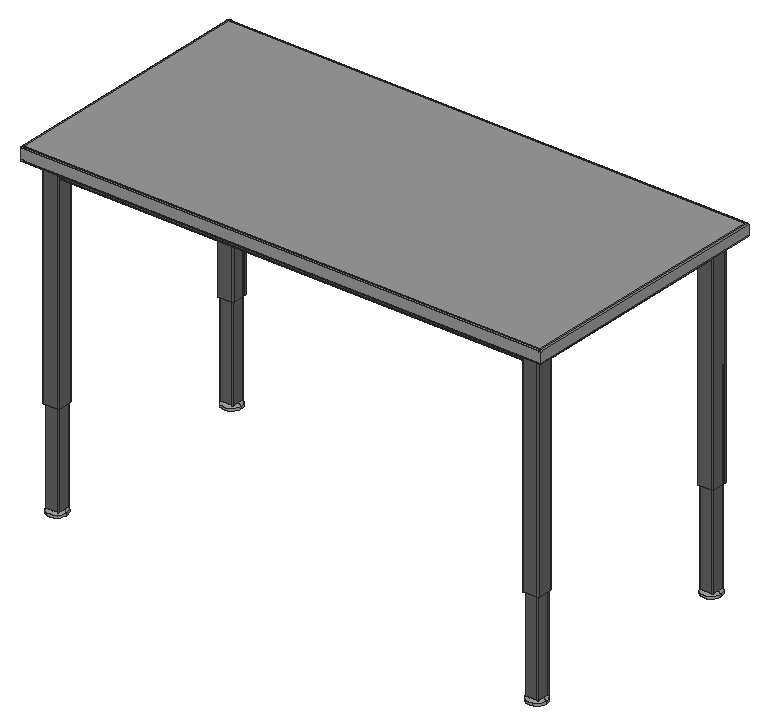
Revit family "Tutor 4824 - Adjustable", category Generic Models, Revit 2018
Family settings
  Can host rebar = No
  Round Connector Dimension = Use Diameter
  Part Type = Normal
  Work Plane-Based = No
  Always vertical = Yes
  Cut with Voids When Loaded = No
  Shared = No
  Room Calculation Point = No
Parameters
  Table Height = 2' - 5"
  Surface = Tutor 4824A Surface
  Frame Finish = Tutor Frame Charcoal
  Edgeband = Tutor 4824A Edgeband
Reference planes (in)
  plane 1 "Center (Front/Back)": y = 0
  plane 2: z = 0
  plane 3 "Center (Left/Right)": x = 0
  plane 4: z = 29
Forms (in)
  Extrusion 1, solid, material "Tutor Frame Charcoal" <- "Frame Finish"
    sketch origin (0, 0, 0) x (1, 0, 0) y (0, 1, 0)
      loop
        arc (-22.51562, 10.625) -> (-22.59296, 10.59296) -> (-22.625, 10.51562) r 0.10937
        line (-22.625, 10.51562) -> (-22.625, 9.48437)
        arc (-22.625, 9.48437) -> (-22.59296, 9.40704) -> (-22.51562, 9.375) r 0.10938
        line (-22.51562, 9.375) -> (-21.48437, 9.375)
        arc (-21.48437, 9.375) -> (-21.40704, 9.40704) -> (-21.375, 9.48437) r 0.10938
        line (-21.375, 9.48437) -> (-21.375, 10.51562)
        arc (-21.375, 10.51562) -> (-21.40704, 10.59296) -> (-21.48437, 10.625) r 0.10938
        line (-21.48437, 10.625) -> (-22.51562, 10.625)
      loop
        line (-22.51562, -10.625) -> (-21.48437, -10.625)
        arc (-21.48437, -10.625) -> (-21.40704, -10.59296) -> (-21.375, -10.51562) r 0.10938
        line (-21.375, -10.51562) -> (-21.375, -9.48437)
        arc (-21.375, -9.48437) -> (-21.40704, -9.40704) -> (-21.48437, -9.375) r 0.10938
        line (-21.48437, -9.375) -> (-22.51562, -9.375)
        arc (-22.51562, -9.375) -> (-22.59296, -9.40704) -> (-22.625, -9.48437) r 0.10938
        line (-22.625, -9.48437) -> (-22.625, -10.51562)
        arc (-22.625, -10.51562) -> (-22.59296, -10.59296) -> (-22.51562, -10.625) r 0.10937
      loop
        line (22.51562, 10.625) -> (21.48437, 10.625)
        arc (21.48437, 10.625) -> (21.40704, 10.59296) -> (21.375, 10.51562) r 0.10938
        line (21.375, 10.51562) -> (21.375, 9.48437)
        arc (21.375, 9.48437) -> (21.40704, 9.40704) -> (21.48437, 9.375) r 0.10938
        line (21.48437, 9.375) -> (22.51562, 9.375)
        arc (22.51562, 9.375) -> (22.59296, 9.40704) -> (22.625, 9.48437) r 0.10938
        line (22.625, 9.48437) -> (22.625, 10.51562)
        arc (22.625, 10.51562) -> (22.59296, 10.59296) -> (22.51562, 10.625) r 0.10937
      loop
        arc (22.51562, -10.625) -> (22.59296, -10.59296) -> (22.625, -10.51562) r 0.10937
        line (22.625, -10.51562) -> (22.625, -9.48437)
        arc (22.625, -9.48437) -> (22.59296, -9.40704) -> (22.51562, -9.375) r 0.10938
        line (22.51562, -9.375) -> (21.48437, -9.375)
        arc (21.48437, -9.375) -> (21.40704, -9.40704) -> (21.375, -9.48437) r 0.10938
        line (21.375, -9.48437) -> (21.375, -10.51562)
        arc (21.375, -10.51562) -> (21.40704, -10.59296) -> (21.48437, -10.625) r 0.10938
        line (21.48437, -10.625) -> (22.51562, -10.625)
    from 0.41992 to 19.41992
  Revolve 2, solid, material "Tutor Glides"
    sketch origin (6, -10, 0) x (1, 0, 0) y (0, 0, 1)
      loop
        line (-28, 0.41992) -> (-28, 0) -> (-27.12763, 0) -> (-27.12763, 0.17255) -> (-27.375, 0.41992) -> (-28, 0.41992)
      axis (-28, 0.41992) -> (-28, 0)
    angle from 0 to 360
  Revolve 3, solid, material "Tutor Glides"
    sketch origin (6, 10, 0) x (1, 0, 0) y (0, 0, -1)
      loop
        line (-28, -0.41992) -> (-27.375, -0.41992) -> (-27.12763, -0.17255) -> (-27.12763, 0) -> (-28, 0) -> (-28, -0.41992)
      axis (-28, -0.41992) -> (-28, 0)
    angle from 0 to 360
  Revolve 4, solid, material "Tutor Glides"
    sketch origin (-6, 10, 0) x (-1, 0, 0) y (0, 0, 1)
      loop
        line (-28, 0.41992) -> (-28, 0) -> (-27.12763, 0) -> (-27.12763, 0.17255) -> (-27.375, 0.41992) -> (-28, 0.41992)
      axis (-28, 0.41992) -> (-28, 0)
    angle from 0 to 360
  Revolve 5, solid, material "Tutor Glides"
    sketch origin (-6, -10, 0) x (-1, 0, 0) y (0, 0, -1)
      loop
        line (-28, -0.41992) -> (-27.375, -0.41992) -> (-27.12763, -0.17255) -> (-27.12763, 0) -> (-28, 0) -> (-28, -0.41992)
      axis (-28, -0.41992) -> (-28, 0)
    angle from 0 to 360
Dimensions and locks (in)
  "Table Height": plane 4 to level
  aligned and locked: plane 2 to level
  aligned and locked: nested 1 to plane 4
Automatic sketch dimensions
  Extrusion 1 sketch curve to plane 1 "Center (Front/Back)" = 0' - 9 31/64"
  Extrusion 1 sketch curve to plane 3 "Center (Left/Right)" = 1' - 10 5/8"
  plane 1 "Center (Front/Back)" to Extrusion 1 sketch curve = 0' - 10 33/64"
  Extrusion 1 sketch curve to Extrusion 1 sketch curve = 0' - 0"  (x3)
  Extrusion 1 sketch curve to Extrusion 1 sketch curve = 0' - 0 7/64"  (x12)
  Extrusion 1 sketch curve to Extrusion 1 sketch curve = 0' - 1 1/32"  (x10)
  plane 1 "Center (Front/Back)" to Extrusion 1 sketch curve = 0' - 9 31/64"
  plane 3 "Center (Left/Right)" to Extrusion 1 sketch curve = 1' - 9 3/8"
  Extrusion 1 sketch curve to Extrusion 1 sketch curve = 0' - 1 9/64"
  Extrusion 1 sketch curve to plane 1 "Center (Front/Back)" = 0' - 9 3/8"
  Revolve 2 sketch curve to level = 0' - 0"
  level to Revolve 2 sketch curve = 0' - 0.41992"
  Revolve 2 sketch curve to plane 3 "Center (Left/Right)" = 1' - 10"
  Revolve 2 sketch curve to Revolve 2 sketch curve = 0' - 0 5/8"
  Revolve 2 sketch curve to Revolve 2 sketch curve = 0' - 0.24737"
  Revolve 2 sketch curve to Revolve 2 sketch curve = 0' - 0.17255"
  Revolve 2 sketch curve to Revolve 2 sketch curve = 0' - 0"  (x2)
  Revolve 2 sketch curve to level = 0' - 0.33008"
  Revolve 3 sketch curve to level = 0' - 0"
  level to Revolve 3 sketch curve = 0' - 0.41992"
  Revolve 3 sketch curve to plane 3 "Center (Left/Right)" = 1' - 10"
  Revolve 3 sketch curve to Revolve 3 sketch curve = 0' - 0 5/8"
  Revolve 3 sketch curve to Revolve 3 sketch curve = 0' - 0.24737"
  Revolve 3 sketch curve to Revolve 3 sketch curve = 0' - 0.17255"
  Revolve 3 sketch curve to Revolve 3 sketch curve = 0' - 0"  (x2)
  Revolve 3 sketch curve to level = 0' - 0.33008"
  Revolve 4 sketch curve to level = 0' - 0"
  level to Revolve 4 sketch curve = 0' - 0.41992"
  plane 3 "Center (Left/Right)" to Revolve 4 sketch curve = 1' - 10"
  Revolve 4 sketch curve to Revolve 4 sketch curve = 0' - 0 5/8"
  Revolve 4 sketch curve to Revolve 4 sketch curve = 0' - 0.24737"
  Revolve 4 sketch curve to Revolve 4 sketch curve = 0' - 0.17255"
  Revolve 4 sketch curve to Revolve 4 sketch curve = 0' - 0"  (x2)
  Revolve 4 sketch curve to level = 0' - 0.33008"
  Revolve 5 sketch curve to level = 0' - 0"
  level to Revolve 5 sketch curve = 0' - 0.41992"
  plane 3 "Center (Left/Right)" to Revolve 5 sketch curve = 1' - 10"
  Revolve 5 sketch curve to Revolve 5 sketch curve = 0' - 0 5/8"
  Revolve 5 sketch curve to Revolve 5 sketch curve = 0' - 0.24737"
  Revolve 5 sketch curve to Revolve 5 sketch curve = 0' - 0.17255"
  Revolve 5 sketch curve to Revolve 5 sketch curve = 0' - 0"  (x2)
  Revolve 5 sketch curve to level = 0' - 0.33008"
Nested families (in)
  nested 1: "Tutor 4824A Top" at (0, 0, -6.54492), type "Tutor 4824A Top"
Definition of nested family "Tutor 4824A Top"
  Parameters (values of type "Tutor 4824A Top")
    Surface = none
    Frame Finish = none
    Edgeband = none
  Reference planes (in)
    plane 1 "Center (Front/Back)": y = 0
    plane 2: z = 0
    plane 3 "Center (Left/Right)": x = 0
  Forms (in)
    Extrusion 1, solid, material <- "Frame Finish"
      sketch origin (0, 0, 0) x (1, 0, 0) y (0, 0, 1)
        loop
          arc (-21.35, 34.29492) -> (-21.27929, 34.32421) -> (-21.25, 34.39492) r 0.1
          line (-21.25, 34.39492) -> (-21.25, 35.44492)
          arc (-21.25, 35.44492) -> (-21.27929, 35.51563) -> (-21.35, 35.54492) r 0.1
          line (-21.35, 35.54492) -> (-22.4, 35.54492)
          arc (-22.4, 35.54492) -> (-22.47071, 35.51563) -> (-22.5, 35.44492) r 0.1
          line (-22.5, 35.44492) -> (-22.5, 34.39492)
          arc (-22.5, 34.39492) -> (-22.47071, 34.32421) -> (-22.4, 34.29492) r 0.1
          line (-22.4, 34.29492) -> (-21.35, 34.29492)
        loop
          line (21.35, 34.29492) -> (22.4, 34.29492)
          arc (22.4, 34.29492) -> (22.47071, 34.32421) -> (22.5, 34.39492) r 0.1
          line (22.5, 34.39492) -> (22.5, 35.44492)
          arc (22.5, 35.44492) -> (22.47071, 35.51563) -> (22.4, 35.54492) r 0.1
          line (22.4, 35.54492) -> (21.35, 35.54492)
          arc (21.35, 35.54492) -> (21.27929, 35.51563) -> (21.25, 35.44492) r 0.1
          line (21.25, 35.44492) -> (21.25, 34.39492)
          arc (21.25, 34.39492) -> (21.27929, 34.32421) -> (21.35, 34.29492) r 0.1
      from -9.25 to 9.25
    Extrusion 2, solid, material <- "Frame Finish"
      sketch origin (0, 0, 0) x (0, 1, 0) y (0, 0, 1)
        loop
          arc (10.4, 34.29492) -> (10.47071, 34.32421) -> (10.5, 34.39492) r 0.1
          line (10.5, 34.39492) -> (10.5, 35.44492)
          arc (10.5, 35.44492) -> (10.47071, 35.51563) -> (10.4, 35.54492) r 0.1
          line (10.4, 35.54492) -> (9.35, 35.54492)
          arc (9.35, 35.54492) -> (9.27929, 35.51563) -> (9.25, 35.44492) r 0.1
          line (9.25, 35.44492) -> (9.25, 34.39492)
          arc (9.25, 34.39492) -> (9.27929, 34.32421) -> (9.35, 34.29492) r 0.1
          line (9.35, 34.29492) -> (10.4, 34.29492)
        loop
          line (-10.4, 34.29492) -> (-9.35, 34.29492)
          arc (-9.35, 34.29492) -> (-9.27929, 34.32421) -> (-9.25, 34.39492) r 0.1
          line (-9.25, 34.39492) -> (-9.25, 35.44492)
          arc (-9.25, 35.44492) -> (-9.27929, 35.51563) -> (-9.35, 35.54492) r 0.1
          line (-9.35, 35.54492) -> (-10.4, 35.54492)
          arc (-10.4, 35.54492) -> (-10.47071, 35.51563) -> (-10.5, 35.44492) r 0.1
          line (-10.5, 35.44492) -> (-10.5, 34.39492)
          arc (-10.5, 34.39492) -> (-10.47071, 34.32421) -> (-10.4, 34.29492) r 0.1
      from -21.25 to 21.25
    Extrusion 3, solid, material <- "Surface"
      sketch origin (0, 0, 0) x (1, 0, 0) y (0, 1, 0)
        loop
          line (23.73189, 11.79339) -> (-23.73189, 11.79339) -> (-23.73189, -11.79339) -> (23.73189, -11.79339) -> (23.73189, 11.79339)
      from 35.54492 to 36.74492
    Sweep 4, solid, material <- "Edgeband"
      path origin (0, 0, 0) x (1, 0, 0) y (0, 1, 0)
        loop
          line (23.73189, 11.79339) -> (-23.73189, 11.79339) -> (-23.73189, -11.79339) -> (23.73189, -11.79339) -> (23.73189, 11.79339)
      profile origin (0, 11.79339, 0) x (0, -1, 0) y (0, 0, 1)
        loop
          arc (0, 36.74492) -> (-0.08352, 36.71033) -> (-0.11811, 36.62681) r 0.11811
          line (-0.11811, 36.62681) -> (-0.11811, 35.66303)
          arc (-0.11811, 35.66303) -> (-0.08352, 35.57952) -> (0, 35.54492) r 0.11811
          line (0, 35.54492) -> (0, 36.74492)
    Extrusion 5, solid, material <- "Frame Finish"
      sketch origin (0, 0, 0) x (1, 0, 0) y (0, 1, 0)
        loop
          arc (21.375, 10.75) -> (21.28661, 10.71339) -> (21.25, 10.625) r 0.125
          line (21.25, 10.625) -> (21.25, 9.375)
          arc (21.25, 9.375) -> (21.28661, 9.28661) -> (21.375, 9.25) r 0.125
          line (21.375, 9.25) -> (22.625, 9.25)
          arc (22.625, 9.25) -> (22.71339, 9.28661) -> (22.75, 9.375) r 0.125
          line (22.75, 9.375) -> (22.75, 10.625)
          arc (22.75, 10.625) -> (22.71339, 10.71339) -> (22.625, 10.75) r 0.125
          line (22.625, 10.75) -> (21.375, 10.75)
        loop
          line (21.375, -10.75) -> (22.625, -10.75)
          arc (22.625, -10.75) -> (22.71339, -10.71339) -> (22.75, -10.625) r 0.125
          line (22.75, -10.625) -> (22.75, -9.375)
          arc (22.75, -9.375) -> (22.71339, -9.28661) -> (22.625, -9.25) r 0.125
          line (22.625, -9.25) -> (21.375, -9.25)
          arc (21.375, -9.25) -> (21.28661, -9.28661) -> (21.25, -9.375) r 0.125
          line (21.25, -9.375) -> (21.25, -10.625)
          arc (21.25, -10.625) -> (21.28661, -10.71339) -> (21.375, -10.75) r 0.125
        loop
          line (-21.375, 10.75) -> (-22.625, 10.75)
          arc (-22.625, 10.75) -> (-22.71339, 10.71339) -> (-22.75, 10.625) r 0.125
          line (-22.75, 10.625) -> (-22.75, 9.375)
          arc (-22.75, 9.375) -> (-22.71339, 9.28661) -> (-22.625, 9.25) r 0.125
          line (-22.625, 9.25) -> (-21.375, 9.25)
          arc (-21.375, 9.25) -> (-21.28661, 9.28661) -> (-21.25, 9.375) r 0.125
          line (-21.25, 9.375) -> (-21.25, 10.625)
          arc (-21.25, 10.625) -> (-21.28661, 10.71339) -> (-21.375, 10.75) r 0.125
        loop
          arc (-21.375, -10.75) -> (-21.28661, -10.71339) -> (-21.25, -10.625) r 0.125
          line (-21.25, -10.625) -> (-21.25, -9.375)
          arc (-21.25, -9.375) -> (-21.28661, -9.28661) -> (-21.375, -9.25) r 0.125
          line (-21.375, -9.25) -> (-22.625, -9.25)
          arc (-22.625, -9.25) -> (-22.71339, -9.28661) -> (-22.75, -9.375) r 0.125
          line (-22.75, -9.375) -> (-22.75, -10.625)
          arc (-22.75, -10.625) -> (-22.71339, -10.71339) -> (-22.625, -10.75) r 0.125
          line (-22.625, -10.75) -> (-21.375, -10.75)
      from 15.54492 to 35.54492
  Dimensions and locks (in)
    aligned and locked: plane 2 to level
